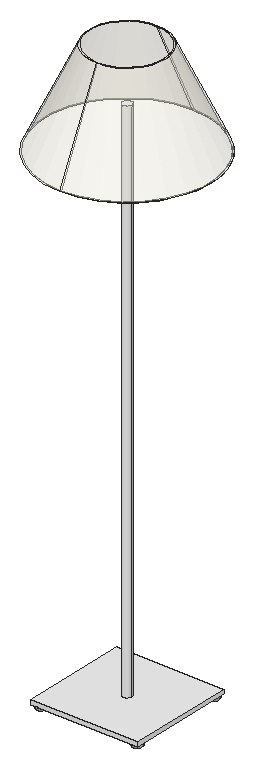
Revit family
Parameters (values of type "150 watt Incandescent")
  Wattage = 18.1767 W
  built-in parameter 1150110 = 1 (stored number, unit not read)
  built-in parameter 1114217 = 1 (stored number, unit not read)
  built-in parameter 1150109 = 1 (stored number, unit not read)
  built-in parameter 1150134 = 3
  built-in parameter 1150113 = 1 (stored number, unit not read)
  built-in parameter 1150105 = 214.86 (stored number, unit not read)
  built-in parameter 1150115 = 1 (stored number, unit not read)
  Light Source Symbol Size = 609.60 mm
  built-in parameter 1150137 = (empty or 0)
  built-in parameter 1150139 = (empty or 0)
  built-in parameter 1150112 = 1 (stored number, unit not read)
  built-in parameter 1150114 = 1 (stored number, unit not read)
  Lamp = "Ps-25"
  Lumens = 2700 lm
  Material Shade = Glass - Frosted
  Material Stand = Metal - Chrome
  Wattage Comments = "150"
  Keynote = "V"
  built-in parameter 1150132 = 2
  built-in parameter 1150102 = (empty or 0)
  built-in parameter 1150107 = 3200 (stored number, unit not read)
  built-in parameter 1150138 = (empty or 0)
  built-in parameter 1150106 = 2.1486 (stored number, unit not read)
  built-in parameter 1150104 = 13.8 (stored number, unit not read)
  Dimming Lamp Color Temperature Shift = (empty or 0)
  Color Filter = 16777215
  built-in parameter 1114218 = 1 (stored number, unit not read)
  built-in parameter 1150133 = 10 (stored number, unit not read)
Types (3, lengths in mm): name | Wattage | built-in parameter 1150105 | Lamp | Lumens | Wattage Comments | built-in parameter 1150106
  (no name) | 18.1767 W | 214.86 (stored number, unit not read) | "Ps-25" | 2700 lm | "150" | 2.1486 (stored number, unit not read)
  150 watt Incandescent | 18.1767 W | 214.86 (stored number, unit not read) | "Ps-25" | 2700 lm | "150" | 2.1486 (stored number, unit not read)
  100 watt Incandescent | 12.1178 W | 143.24 (stored number, unit not read) | "A-21" | 1800 lm | "100" | 1.4324 (stored number, unit not read)
Reference planes
  plane 1 "Light Source Axis": y = 0
  plane 2: z = 0
  plane 3 "Light Source Axis": x = 0
  plane 4: y = 134.618
  plane 5 "Light Source Elevation": z = 1592.529
Forms (mm)
  Revolve 1, solid
    sketch origin (136.32, -210.458, 0) x (0, 1, 0) y (0, 0, 1)
      loop
        arc (349.625, 0) -> (358.596, 3.716) -> (362.312, 12.687) r 12.687
        line (362.312, 12.687) -> (349.625, 12.687) -> (349.625, 0)
      axis (346.516, 0) -> (346.516, 12.687)
    angle from -90 to 270
  Revolve 2, solid
    sketch origin (-136.032, -210.819, 0) x (0, 1, 0) y (0, 0, 1)
      loop
        arc (349.625, 0) -> (358.596, 3.716) -> (362.312, 12.687) r 12.687
        line (362.312, 12.687) -> (349.625, 12.687) -> (349.625, 0)
      axis (346.516, 0) -> (346.516, 12.687)
    angle from -90 to 270
  Revolve 3, solid
    sketch origin (-135.437, -482.706, 0) x (0, 1, 0) y (0, 0, 1)
      loop
        arc (349.625, 0) -> (358.596, 3.716) -> (362.312, 12.687) r 12.687
        line (362.312, 12.687) -> (349.625, 12.687) -> (349.625, 0)
      axis (346.516, 0) -> (346.516, 12.687)
    angle from -90 to 270
  Revolve 4, solid
    sketch origin (137.046, -482.111, 0) x (0, 1, 0) y (0, 0, 1)
      loop
        arc (349.625, 0) -> (358.596, 3.716) -> (362.312, 12.687) r 12.687
        line (362.312, 12.687) -> (349.625, 12.687) -> (349.625, 0)
      axis (346.516, 0) -> (346.516, 12.687)
    angle from -90 to 270
  Extrusion 5, solid, material "Metal - Chrome" <- "Material Stand"
    sketch origin (0, 0, 0) x (1, 0, 0) y (0, 1, 0)
      loop
        line (-152.4, 152.4) -> (-152.4, -152.4) -> (152.4, -152.4) -> (152.4, 152.4) -> (-152.4, 152.4)
    from 12.687 to 24.964
  Extrusion 6, solid, material "Metal - Chrome" <- "Material Stand"
    sketch origin (0, 0, 24.964) x (1, 0, 0) y (0, 1, 0)
      loop
        circle (0, 0) r 12.7
    from 0 to 1499.036
  Revolve 7, solid, material "Glass - Frosted" <- "Material Shade"
    sketch origin (0, 0, 0) x (0, 1, 0) y (0, 0, 1)
      loop
        line (108.573, 1674.186) -> (104.059, 1674.186) -> (233.338, 1403.575) -> (237.852, 1403.575) -> (108.573, 1674.186)
      axis (0, 1674.186) -> (0, 1403.575)
    angle from 0 to 360
Lines and regions (mm)
  symbolic lines
    curve 1: arc (241.3, 0, 0) -> (0, 241.3, 0) -> (-241.3, 0, 0) r 241.3
    curve 2: arc (-241.3, 0, 0) -> (0, -241.3, 0) -> (241.3, 0, 0) r 241.3
    curve 3: arc (107.315, 0, 0) -> (0, 107.315, 0) -> (-107.315, 0, 0) r 107.315
    curve 4: arc (-107.315, 0, 0) -> (0, -107.315, 0) -> (107.315, 0, 0) r 107.315
Dimensions and locks
  aligned and locked: Extrusion 6 to Extrusion 5
  aligned and locked: imposter light to plane 3 "Light Source Axis"
  aligned and locked: plane 1 "Light Source Axis" to imposter light
  aligned and locked: plane 5 "Light Source Elevation" to imposter light
